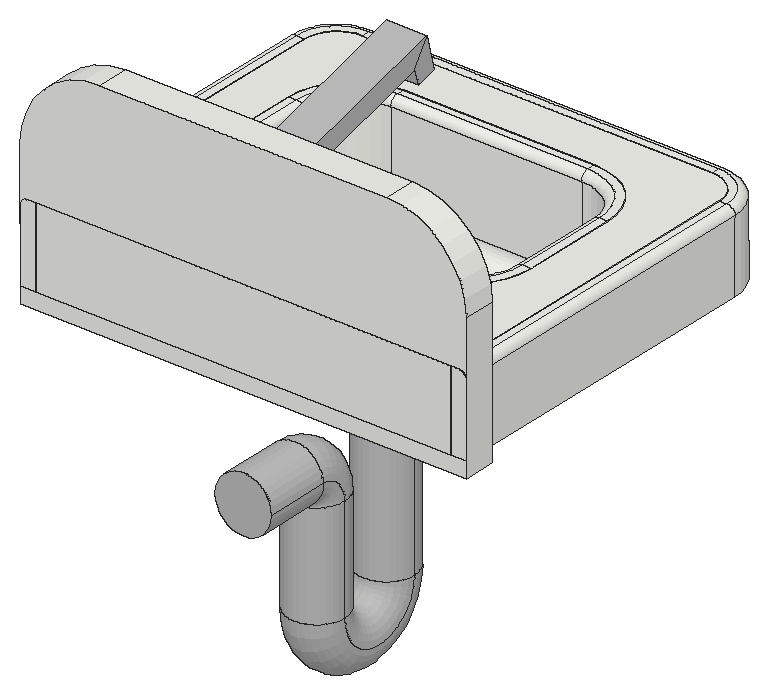
Revit family "PKNail Wall Sink", category Plumbing Fixtures, host Wall, Revit 2017
Family settings
  Host = Wall
  Round Connector Dimension = Use Diameter
  Part Type = Normal
  Always vertical = Yes
  Cut with Voids When Loaded = No
  Shared = Yes
  Room Calculation Point = No
Parameters (values of type "PKNail Wall Sink")
  PKNail Family Measure Location Centered = yes
  PKNail Family Fixed Dimensions = "Width:Height:Depth"
  Assembly Code = "D2010430"
  Depth = 305.00 mm
  Fixture/Piping Material = Metal - Steel, Polished
  Sink Material = Porcelain - Ivory
  Width = 355.00 mm
Reference planes
  plane 1: y = 0
  plane 2 "Center (Left/Right)": x = 293.59
  plane 3 "Center (Elevation)": z = 863.6
  plane 4: y = 76.2
  plane 5: y = 381.2
  plane 6: x = 471.09
  plane 7: x = 116.09
  plane 8: z = 762
  plane 9: x = 214.215
  plane 10: x = 372.811
  plane 11: y = 127
Forms (mm)
  Extrusion 1, solid, material "Porcelain - Ivory" <- "Sink Material"
    sketch origin (0, 0, 863.6) x (0, 1, 0) y (-1, 0, 0)
      loop
        line (343.1, -128.79) -> (76.2, -128.79) -> (76.2, -458.39) -> (343.1, -458.39)
        arc (343.1, -458.39) -> (361.061, -450.95) -> (368.5, -432.99) r 25.4
        line (368.5, -432.99) -> (368.5, -154.19)
        arc (368.5, -154.19) -> (361.061, -136.229) -> (343.1, -128.79) r 25.4
    from 0 to -63.5
  Sweep 2, solid, material "Porcelain - Ivory" <- "Sink Material"
    path origin (0, 0, 863.6) x (0, 1, 0) y (-1, 0, 0)
      loop
        line (76.2, -128.79) -> (343.1, -128.79)
        arc (343.1, -128.79) -> (361.061, -136.229) -> (368.5, -154.19) r 25.4
        line (368.5, -154.19) -> (368.5, -432.99)
        arc (368.5, -432.99) -> (361.061, -450.95) -> (343.1, -458.39) r 25.4
        line (343.1, -458.39) -> (76.2, -458.39)
    profile origin (0, 209.65, 863.6) x (-1, 0, 0) y (0, 0, 1)
      loop
        line (-128.79, -63.5) -> (-116.09, -63.5) -> (-116.09, -6.35)
        arc (-116.09, -6.35) -> (-117.95, -1.86) -> (-122.44, 0) r 6.35
        line (-122.44, 0) -> (-128.79, 0) -> (-128.79, -63.5)
  Sweep 3, solid, material "Metal - Steel, Polished" <- "Fixture/Piping Material"
    path origin (293.59, 0, 0) x (0, -1, 0) y (0, 0, 1)
      loop
        line (-214.351, 762) -> (-214.351, 601.826)
        arc (-214.351, 601.826) -> (-183.375, 570.851) -> (-152.4, 601.826) r 30.975
        line (-152.4, 601.826) -> (-152.4, 684.961)
        arc (-152.4, 684.961) -> (-144.961, 702.921) -> (-127, 710.361) r 25.4
        line (-127, 710.361) -> (-76.2, 710.361)
    profile origin (293.59, 0, 681.913) x (-1, 0, 0) y (0, -1, 0)
      loop
        circle (0, -218.009) r 22.524
  Sweep 4, solid, material "Metal - Steel, Polished" <- "Fixture/Piping Material"
    path origin (293.59, 0, 0) x (0, -1, 0) y (0, 0, 1)
      loop
        line (-129.083, 863.6) -> (-129.083, 929.179) -> (-227.221, 955.475) -> (-230.508, 943.208)
    profile origin (293.59, 0, 896.39) x (0, 1, 0) y (-1, 0, 0)
      loop
        line (129.083, 15.875) -> (113.208, 15.875) -> (113.208, -15.721) -> (129.083, -15.721) -> (129.083, 15.875)
  Extrusion 5, solid, material "Porcelain - Ivory" <- "Sink Material"
    sketch origin (0, 76.2, 0) x (1, 0, 0) y (0, 0, 1)
      loop
        line (471.09, 787.4) -> (471.09, 901.7)
        arc (471.09, 901.7) -> (452.491, 946.601) -> (407.59, 965.2) r 63.5
        line (407.59, 965.2) -> (179.59, 965.2)
        arc (179.59, 965.2) -> (134.688, 946.601) -> (116.09, 901.7) r 63.5
        line (116.09, 901.7) -> (116.09, 787.4) -> (471.09, 787.4)
    from 0 to -25.4
  Extrusion 6, void
    sketch origin (0, 0, 863.6) x (0, 1, 0) y (-1, 0, 0)
      loop
        arc (330.4, -217.69) -> (315.521, -181.769) -> (279.6, -166.89) r 50.8
        line (279.6, -166.89) -> (203.2, -166.89)
        arc (203.2, -166.89) -> (167.279, -181.769) -> (152.4, -217.69) r 50.8
        line (152.4, -217.69) -> (152.4, -369.49)
        arc (152.4, -369.49) -> (167.279, -405.411) -> (203.2, -420.29) r 50.8
        line (203.2, -420.29) -> (279.6, -420.29)
        arc (279.6, -420.29) -> (315.521, -405.411) -> (330.4, -369.49) r 50.8
        line (330.4, -369.49) -> (330.4, -217.69)
    from 0 to -101.6
  Sweep 7, solid, material "Porcelain - Ivory" <- "Sink Material"
    path origin (0, 0, 863.6) x (0, 1, 0) y (-1, 0, 0)
      loop
        arc (330.4, -217.69) -> (315.521, -181.769) -> (279.6, -166.89) r 50.8
        line (279.6, -166.89) -> (203.2, -166.89)
        arc (203.2, -166.89) -> (167.279, -181.769) -> (152.4, -217.69) r 50.8
        line (152.4, -217.69) -> (152.4, -369.49)
        arc (152.4, -369.49) -> (167.279, -405.411) -> (203.2, -420.29) r 50.8
        line (203.2, -420.29) -> (279.6, -420.29)
        arc (279.6, -420.29) -> (315.521, -405.411) -> (330.4, -369.49) r 50.8
        line (330.4, -369.49) -> (330.4, -217.69)
    profile origin (293.59, 0, 863.6) x (0, 1, 0) y (0, 0, 1)
      loop
        line (330.4, 0) -> (324.05, 0)
        arc (324.05, 0) -> (319.56, -1.86) -> (317.7, -6.35) r 6.35
        line (317.7, -6.35) -> (317.7, -76.2)
        arc (317.7, -76.2) -> (313.98, -85.18) -> (305, -88.9) r 12.7
        line (305, -88.9) -> (305, -101.6)
        arc (305, -101.6) -> (322.961, -94.161) -> (330.4, -76.2) r 25.4
        line (330.4, -76.2) -> (330.4, 0)
  Extrusion 8, solid, material "Porcelain - Ivory" <- "Sink Material"
    sketch origin (0, 0, 762) x (1, 0, 0) y (0, 1, 0)
      loop
        arc (217.69, 305) -> (199.729, 297.561) -> (192.29, 279.6) r 25.4
        line (192.29, 279.6) -> (192.29, 203.2)
        arc (192.29, 203.2) -> (199.729, 185.239) -> (217.69, 177.8) r 25.4
        line (217.69, 177.8) -> (369.49, 177.8)
        arc (369.49, 177.8) -> (387.45, 185.239) -> (394.89, 203.2) r 25.4
        line (394.89, 203.2) -> (394.89, 279.6)
        arc (394.89, 279.6) -> (387.45, 297.561) -> (369.49, 305) r 25.4
        line (369.49, 305) -> (217.69, 305)
      loop
        circle (293.59, 218.009) r 22.524
    from 0 to 12.7
  Extrusion 9, solid, material "Metal - Steel, Polished" <- "Fixture/Piping Material"
    sketch origin (0, 0, 863.6) x (0, 1, 0) y (-1, 0, 0)
      loop
        circle (127, -214.215) r 19.05
      loop
        circle (127, -372.811) r 19.05
    from 12.7 to 63.5
Cuts and joins
  Extrusion 6 cuts Extrusion 1
  Extrusion 6 cuts Sweep 2
  Extrusion 6 cuts Sweep 3
  Extrusion 6 cuts Sweep 4
  Extrusion 6 cuts Extrusion 5
Lines and regions (mm)
  symbolic lines
    curve 1: line (116.09, 76.2, 863.6) -> (471.09, 76.2, 863.6)
    curve 2: line (116.09, 355.8, 863.6) -> (116.09, 76.2, 863.6)
    curve 3: line (445.69, 381.2, 863.6) -> (141.49, 381.2, 863.6)
    curve 4: line (471.09, 76.2, 863.6) -> (471.09, 355.8, 863.6)
    curve 5: arc (141.49, 381.2, 863.6) -> (123.529, 373.761, 863.6) -> (116.09, 355.8, 863.6) r 25.4
    curve 6: arc (445.69, 381.2, 863.6) -> (463.65, 373.761, 863.6) -> (471.09, 355.8, 863.6) r 25.4
    curve 7: line (128.79, 101.6, 863.6) -> (458.39, 101.6, 863.6)
    curve 8: line (128.79, 343.1, 863.6) -> (128.79, 101.6, 863.6)
    curve 9: line (432.99, 368.5, 863.6) -> (154.19, 368.5, 863.6)
    curve 10: line (458.39, 101.6, 863.6) -> (458.39, 343.1, 863.6)
    curve 11: arc (154.19, 368.5, 863.6) -> (136.229, 361.061, 863.6) -> (128.79, 343.1, 863.6) r 25.4
    curve 12: arc (432.99, 368.5, 863.6) -> (450.95, 361.061, 863.6) -> (458.39, 343.1, 863.6) r 25.4
    curve 13: arc (316.114, 218.009, 863.6) -> (293.59, 195.485, 863.6) -> (271.066, 218.009, 863.6) r 22.524
    curve 14: arc (271.066, 218.009, 863.6) -> (293.59, 240.533, 863.6) -> (316.114, 218.009, 863.6) r 22.524
    curve 15: arc (233.265, 127, 863.6) -> (214.215, 107.95, 863.6) -> (195.165, 127, 863.6) r 19.05
    curve 16: arc (195.165, 127, 863.6) -> (214.215, 146.05, 863.6) -> (233.265, 127, 863.6) r 19.05
    curve 17: arc (391.861, 127, 863.6) -> (372.811, 107.95, 863.6) -> (353.761, 127, 863.6) r 19.05
    curve 18: arc (353.761, 127, 863.6) -> (372.811, 146.05, 863.6) -> (391.861, 127, 863.6) r 19.05
    curve 19: line (192.29, 279.6, 0) -> (192.29, 203.2, 0)
    curve 20: arc (217.69, 305, 0) -> (199.729, 297.561, 0) -> (192.29, 279.6, 0) r 25.4
    curve 21: line (369.49, 305, 0) -> (217.69, 305, 0)
    curve 22: arc (369.49, 305, 0) -> (387.45, 297.561, 0) -> (394.89, 279.6, 0) r 25.4
    curve 23: line (394.89, 203.2, 0) -> (394.89, 279.6, 0)
    curve 24: arc (217.69, 177.8, 0) -> (199.729, 185.239, 0) -> (192.29, 203.2, 0) r 25.4
    curve 25: line (217.69, 177.8, 0) -> (369.49, 177.8, 0)
    curve 26: arc (394.89, 203.2, 0) -> (387.45, 185.239, 0) -> (369.49, 177.8, 0) r 25.4
    curve 27: line (277.715, 245.842, 0) -> (309.311, 245.842, 0)
    curve 28: line (277.715, 113.208, 0) -> (277.715, 245.842, 0)
    curve 29: line (309.311, 113.208, 0) -> (277.715, 113.208, 0)
    curve 30: line (309.311, 245.842, 0) -> (309.311, 113.208, 0)
Text (mm)
  text "Interior" at (0, 243.142, 1724.743), in view "Right"
  text "Interior" at (148.338, 1331.167, 0), in view "Floor Line"
  text "Interior" at (0, 787.651, 1322.063), in view "Left"
Dimensions and locks
  "Depth": plane 4 to plane 5
  equal spacing: plane 7, plane 2 "Center (Left/Right)", plane 6
  "Width": plane 7 to plane 6
  locked: plane 3 "Center (Elevation)" to plane 8 at 101.6
  locked: plane 4 to plane 11 at 50.8
  locked: plane 4 to Sweep 4 sketch curve at 52.883
  locked: plane 7 to Sweep 7 sketch curve at 50.8
  locked: Sweep 7 sketch curve to plane 6 at 50.8
  locked: plane 7 to Extrusion 6 sketch curve at 50.8
  locked: Extrusion 6 sketch curve to plane 6 at 50.8
  aligned and locked: plane 4 to host wall
  aligned and locked: Extrusion 1 sketch curve to curve 8
  aligned and locked: Sweep 2 sketch curve to curve 8
  aligned and locked: Extrusion 8 sketch curve to Sweep 7  (x2)
  aligned and locked: Sweep 7 to Extrusion 8 sketch curve  (x2)
  aligned and locked: curve 23 to Extrusion 8
Automatic sketch dimensions
  Extrusion 1 sketch curve to plane 4 = 0.00 mm
  plane 5 to Extrusion 1 sketch curve = 38.10 mm  (x2)
  plane 5 to Extrusion 1 sketch curve = 12.70 mm
  plane 6 to Extrusion 1 sketch curve = 12.70 mm
  Sweep 2 sketch curve to plane 4 = 0.00 mm  (x2)
  plane 5 to Sweep 2 sketch curve = 38.10 mm  (x2)
  plane 6 to Sweep 2 sketch curve = 12.70 mm
  plane 5 to Sweep 2 sketch curve = 12.70 mm
  Extrusion 5 sketch curve to plane 7 = 0.00 mm
  Extrusion 5 sketch curve to plane 6 = 0.00 mm
  Extrusion 5 sketch curve to plane 7 = 63.50 mm
  plane 6 to Extrusion 5 sketch curve = 63.50 mm
  plane 3 "Center (Elevation)" to Extrusion 5 sketch curve = 76.20 mm
  Extrusion 5 sketch curve to plane 3 "Center (Elevation)" = 38.10 mm
  Sweep 3 sketch curve to plane 2 "Center (Left/Right)" = 0.00 mm
  profile plane to Sweep 3 sketch curve = 3.659 mm
  Sweep 3 sketch curve to Sweep 3 sketch curve = 22.524 mm
  Sweep 3 sketch curve to plane 8 = 0.00 mm
  Sweep 3 sketch curve to plane 4 = 0.00 mm
  Sweep 3 sketch curve to plane 4 = 50.80 mm
  Sweep 3 sketch curve to plane 4 = 76.20 mm
  Sweep 3 sketch curve to Sweep 3 sketch curve = 30.975 mm
  plane 8 to Sweep 3 sketch curve = 51.639 mm
  Sweep 3 sketch curve to Sweep 3 sketch curve = 83.135 mm
  Sweep 2 sketch curve to profile plane = 0.00 mm
  Sweep 2 sketch curve to plane 3 "Center (Elevation)" = 0.00 mm
  Sweep 2 sketch curve to profile plane = 6.35 mm
  Sweep 2 sketch curve to Sweep 2 sketch curve = 6.35 mm
  Sweep 2 sketch curve to Sweep 2 sketch curve = 57.15 mm
  Extrusion 6 sketch curve to plane 4 = 76.20 mm
  Extrusion 6 sketch curve to Extrusion 6 sketch curve = 50.80 mm  (x2)
  plane 5 to Extrusion 6 sketch curve = 101.60 mm  (x2)
  plane 5 to Extrusion 6 sketch curve = 50.80 mm
  Sweep 7 sketch curve to plane 4 = 76.20 mm
  Sweep 7 sketch curve to Sweep 7 sketch curve = 50.80 mm  (x2)
  plane 5 to Sweep 7 sketch curve = 101.60 mm  (x2)
  plane 5 to Sweep 7 sketch curve = 50.80 mm
  Sweep 7 sketch curve to plane 3 "Center (Elevation)" = 0.00 mm
  Sweep 7 sketch curve to profile plane = 0.00 mm
  profile plane to Sweep 7 sketch curve = 6.35 mm
  Sweep 7 sketch curve to Sweep 7 sketch curve = 12.70 mm  (x2)
  Sweep 7 sketch curve to Sweep 7 sketch curve = 69.85 mm
  Sweep 7 sketch curve to Sweep 7 sketch curve = 0.00 mm
  Sweep 4 sketch curve to plane 3 "Center (Elevation)" = 0.00 mm
  Sweep 4 sketch curve to plane 3 "Center (Elevation)" = 79.608 mm
  Sweep 4 sketch curve to plane 3 "Center (Elevation)" = 91.875 mm
  Sweep 4 sketch curve to Sweep 4 sketch curve = 3.287 mm
  Sweep 4 sketch curve to Sweep 4 sketch curve = 98.138 mm
  Sweep 4 sketch curve to profile plane = 0.00 mm
  profile plane to Sweep 4 sketch curve = 15.875 mm
  Sweep 4 sketch curve to plane 2 "Center (Left/Right)" = 15.721 mm
  plane 2 "Center (Left/Right)" to Sweep 4 sketch curve = 15.875 mm
  Extrusion 9 sketch curve to plane 10 = 0.00 mm
  Extrusion 9 sketch curve to plane 9 = 0.00 mm
  Extrusion 9 sketch curve to plane 11 = 0.00 mm  (x2)
  Extrusion 9 sketch curve to Extrusion 9 sketch curve = 19.05 mm  (x2)
  Extrusion 8 sketch curve to plane 2 "Center (Left/Right)" = 0.00 mm
  Extrusion 8 sketch curve to Extrusion 8 sketch curve = 25.40 mm  (x4)
  Extrusion 8 sketch curve to Extrusion 8 sketch curve = 22.524 mm
  Extrusion 8 sketch curve to Extrusion 8 sketch curve = 0.00 mm  (x2)
  Extrusion 8 sketch curve to plane 11 = 91.009 mm
  curve 5 to plane 7 = 0.00 mm
  curve 3 to plane 5 = 0.00 mm
  curve 15 to plane 11 = 0.00 mm
  curve 15 to plane 9 = 0.00 mm
  curve 13 to plane 2 "Center (Left/Right)" = 0.00 mm
  curve 17 to plane 11 = 0.00 mm
  curve 17 to plane 10 = 0.00 mm
  curve 6 to plane 6 = 0.00 mm
  curve 11 to plane 7 = 12.70 mm
  curve 3 to plane 7 = 25.40 mm
  curve 5 to curve 11 = 12.70 mm
  curve 24 to plane 7 = 76.20 mm
  curve 20 to curve 20 = 25.40 mm
  curve 24 to curve 25 = 25.40 mm
  plane 9 to curve 15 = 19.05 mm
  curve 13 to curve 13 = 22.524 mm
  plane 2 "Center (Left/Right)" to curve 28 = 15.875 mm
  curve 30 to plane 2 "Center (Left/Right)" = 15.721 mm
  plane 10 to curve 17 = 19.05 mm
  curve 22 to curve 22 = 25.40 mm
  curve 25 to curve 23 = 25.40 mm
  plane 6 to curve 12 = 38.10 mm
  curve 12 to curve 6 = 12.70 mm
  plane 6 to curve 10 = 12.70 mm
  curve 1 to plane 4 = 0.00 mm
  curve 2 to curve 7 = 25.40 mm
  plane 11 to curve 30 = 13.792 mm
  curve 15 to curve 24 = 50.80 mm
  curve 13 to plane 11 = 91.009 mm
  curve 14 to curve 27 = 27.832 mm
  curve 23 to curve 6 = 76.20 mm
  curve 11 to curve 5 = 12.70 mm
